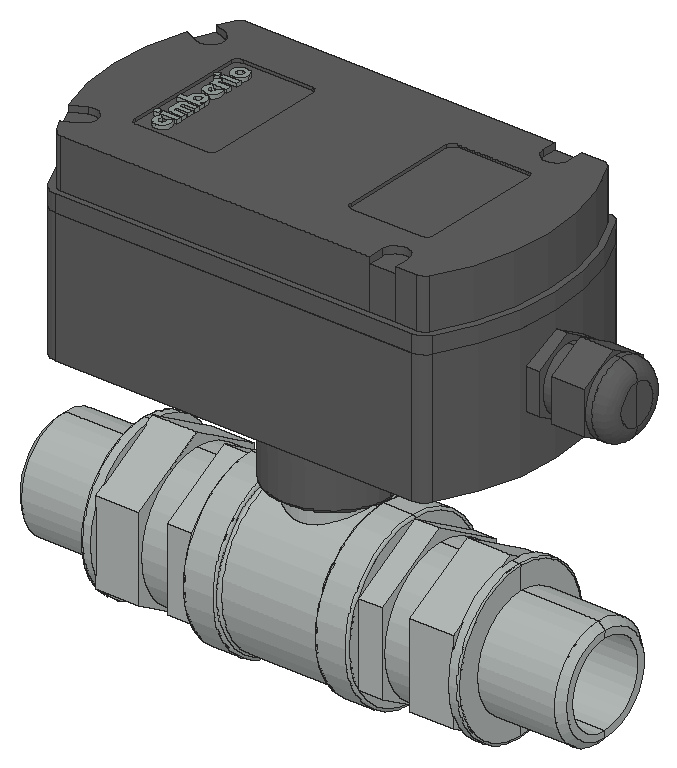
Revit family "QD31100000", category Apparecchi idraulici, Revit 2020
Family settings
  Quota connettore circolare = Usa diametro
  Tipo di parte = Normale
  Numero OmniClass = 23.45.00.00
  Titolo OmniClass = Sanitary, Laundry, and Cleaning Equipment
  Basato su piano di lavoro = No
  Sempre verticale = Sì
  Taglio con vuoti quando caricato = No
  Condiviso = No
  Punto di calcolo locali = No
Parameters
  URL = "https://web.cimberio.it/index.php/figura/613?subcategoria_id=74926"
  Temperatura di esercizio = "-20 ÷ 150°C"
  Prospetto di default = 0 mm
  Produttore = "CIMBERIO SPA"
  Pressione nominale = "PN 64 (3/4\" ÷ 1\")"
  Modello = "Cim 700RE"
  Materiale = "Prodotto in lega di ottone conforme alla norma EN 12165-CW617N-DW"
  Descrizione = "Utilizzato nei più svariati settori dell'impiantistica: impianti di riscaldamento, condizionamento, idrici, igienico-sanitari, aria compressa e in generale con ogni fluido non corrosivo.\r\nParticolarmente indicato come valvola di zona per la regolazione e contabilizzazione di impianti di riscaldamento singoli o a zone, impianti con utilizzazione di energie alternative, impianti con fluidi caldi o freddi e impianti di automazione in genere"
  DN Model [instance] = QD31101025 : QD31101025
  DN [instance] = 25 mm
  Commenti sul tipo = "Realizzato in ottemperanza ai requisiti gestionali della norma EN ISO 9001.\r\nCollaudato al 100% secondo la normativa EN 12266-1"
Reference planes
  plane 1 "Centro (Fronte/Retro)": y = 0
  plane 2: z = 0
  plane 3 "Centro (Sinistra/Destra)": x = 0
Dimensions and locks
  aligned and locked: level to plane 2
Nested families
  nested 1: "QD31101025" at (0, 0, 0), type <- "DN Model", type "QD31101025"
  nested 2: "QD31101025" at (0, 0, 0), type <- "DN Model", type "QD31101025"
  nested 3: "QD31101025" at (0, 0, 0), type <- "DN Model", type "QD31101025"
  nested 4: "QD31101025" at (0, 0, 0), type <- "DN Model", type "QD31101025"
  nested 5: "QD31101025" at (0, 0, 0), type <- "DN Model", type "QD31101025"
Connectors
  piping at (73.1, 0, 0), diameter 25, driven by "DN"
    settings: on nested 1, index 1, connector inside diameter 609.6 mm, connector length 0 mm, flow factor 0, pipe flow 0.0 L/s, pressure drop 0.0 Pa, fitting loss kfactor 0, connector angle 0.00°, fixture units 0, engagement length 0 mm, angle of deflection 0.00°, flow configuration 0, flow direction 0, fitting loss method 0, system type 7, joint type 0, gender type 0, connector reference index -1, connector utility 0, adjustable connector no, is connector primary yes, connector description ""
  piping at (-56.9, 0, 0), diameter 25, driven by "DN"
    settings: on nested 1, index 2, connector inside diameter 609.6 mm, connector length 0 mm, flow factor 0, pipe flow 0.0 L/s, pressure drop 0.0 Pa, fitting loss kfactor 0, connector angle 0.00°, fixture units 0, engagement length 0 mm, angle of deflection 0.00°, flow configuration 0, flow direction 0, fitting loss method 0, system type 7, joint type 0, gender type 0, connector reference index -1, connector utility 0, adjustable connector no, is connector primary no, connector description ""
Definition of nested family "QD31101025"
  Parameters (values of type "QD31101025")
    URL = "https://web.cimberio.it/index.php/figura/394?subcategoria_id="
    Temperatura di esercizio = "-10 ÷ 95°C"
    Default Elevation = 0 mm
    Manufacturer = "CIMBERIO SPA"
    Pressione nominale = "PN 16"
    Model = "Cim 32"
    Materiale = "Prodotto in lega di ottone conforme alla norma EN 12165-CW617N-DW"
    Description = "Impiegato nei più svariati settori dell'impiantistica in condutture anti-ritorno per: reti di distribuzione acqua potabile, impianti di riscaldamento, condizionamento, igienico-sanitari e in generale con ogni fluido non corrosivo."
    DN [instance] = 50 mm
    Type Comments = "Realizzato in ottemperanza ai requisiti gestionali della norma EN ISO 9001.\r\nCollaudato al 100% secondo la normativa EN 12266-1"
  Reference planes
    plane 1 "Centro (Fronte/Retro)": y = 0
    plane 2: z = 0
    plane 3 "Centro (Sinistra/Destra)": x = 0
  Forms (mm)
    Revolve 1, solid
      sketch origin (0, 0, 0) x (1, 0, 0) y (0, 0, 1)
        loop
          line (-24.9, 12.5) -> (24.9, 12.5) -> (24.9, 24.6)
          arc (24.9, 24.6) -> (24.728, 25.129) -> (24.278, 25.456) r 0.9
          line (24.278, 25.456) -> (15.531, 25.456)
          arc (15.531, 25.456) -> (15.143, 25.159) -> (14.997, 24.693) r 0.812
          arc (14.997, 24.693) -> (14.763, 24.13) -> (14.2, 23.897) r 0.797
          line (14.2, 23.897) -> (-14.2, 23.897)
          arc (-14.2, 23.897) -> (-14.763, 24.13) -> (-14.997, 24.693) r 0.797
          arc (-14.997, 24.693) -> (-15.143, 25.159) -> (-15.531, 25.456) r 0.812
          line (-15.531, 25.456) -> (-24.278, 25.456)
          arc (-24.278, 25.456) -> (-24.728, 25.129) -> (-24.9, 24.6) r 0.9
          line (-24.9, 24.6) -> (-24.9, 12.5)
        axis (-24.9, 0) -> (24.9, 0)
      angle from 0 to 360
    Extrusion 2, solid
      sketch origin (0, 0, 0) x (0, 1, 0) y (0, 0, 1)
        loop
          circle (0, 0) r 12.5
        loop
          line (0, 24.6) -> (-21.304, 12.3) -> (-21.304, -12.3) -> (0, -24.6) -> (21.304, -12.3) -> (21.304, 12.3) -> (0, 24.6)
      from -32.4 to -24.9
    Revolve 3, solid
      sketch origin (0, 0, 0) x (1, 0, 0) y (0, 0, 1)
        loop
          line (-32.4, 20.9) -> (-40.9, 20.9) -> (-40.9, 12.5) -> (-32.4, 12.5) -> (-32.4, 20.9)
        axis (-40.9, 0) -> (-32.4, 0)
      angle from 0 to 360
    Extrusion 4, solid
      sketch origin (0, 0, 0) x (0, 1, 0) y (0, 0, 1)
        loop
          circle (0, 0) r 12.5
        loop
          line (0, 25) -> (-21.651, 12.5) -> (-21.651, -12.5) -> (0, -25) -> (21.651, -12.5) -> (21.651, 12.5) -> (0, 25)
      from -53.9 to -40.9
    Revolve 5, solid
      sketch origin (-4.8, 0, 0) x (1, 0, 0) y (0, 0, 1)
        loop
          arc (-51.601, 23.5) -> (-51.954, 23.353) -> (-52.1, 22.999) r 0.5
          line (-52.1, 22.999) -> (-52.1, 12.5) -> (-49.1, 12.5) -> (-49.1, 23.5) -> (-51.601, 23.5)
        axis (-52.1, 0) -> (-49.1, 0)
      angle from 0 to 360
    Revolve 6, solid
      sketch origin (-9.3, 0, 0) x (1, 0, 0) y (0, 0, 1)
        loop
          line (-47.6, 16.5) -> (-71.1, 16.5) -> (-73.1, 14.5) -> (-73.1, 12.5) -> (-47.6, 12.5) -> (-47.6, 16.5)
        axis (-73.1, 0) -> (-47.6, 0)
      angle from 0 to 360
    Revolve 7, solid
      sketch origin (0, 0, 4) x (1, 0, 0) y (0, 0, 1)
        loop
          line (11.504, 21.487) -> (11.504, 37.805) -> (0, 37.805) -> (0, 13.864) -> (12.31, 13.864) -> (12.31, 20.681)
          arc (12.31, 20.681) -> (11.74, 20.917) -> (11.504, 21.487) r 0.806
        axis (0, 37.805) -> (0, 13.864)
      angle from 0 to 360
    Extrusion 8, solid
      sketch origin (0, 0, 4) x (1, 0, 0) y (0, 0, 1)
        loop
          line (-19, 34.8) -> (-19, 17.197) -> (-11, 17.197) -> (-11, 34.8) -> (-19, 34.8)
      from -0.812 to 0.713
    Revolve 9, solid
      sketch origin (0, 0, 4) x (1, 0, 0) y (0, 0, 1)
        loop
          line (0, 51.8) -> (0, 36.671) -> (3.652, 36.671) -> (3.652, 23.3) -> (16.983, 23.3)
          arc (16.983, 23.3) -> (17.427, 23.419) -> (17.69, 23.796) r 0.672
          line (17.69, 23.796) -> (17.955, 46.8) -> (19, 46.8)
          arc (19, 46.8) -> (19.707, 47.093) -> (20, 47.8) r 1
          line (20, 47.8) -> (20, 51.8) -> (0, 51.8)
        axis (0, 51.8) -> (0, 23.3)
      angle from 0 to 360
    Extrusion 10, solid
      sketch origin (0, 0, 4) x (1, 0, 0) y (0, 1, 0)
        loop
          arc (-53.687, 37) -> (-56.156, 36.347) -> (-57.982, 34.56) r 5
          arc (-57.982, 34.56) -> (-67.5, 0) -> (-57.982, -34.56) r 67.5
          arc (-57.982, -34.56) -> (-56.156, -36.347) -> (-53.687, -37) r 5
          line (-53.687, -37) -> (53.687, -37)
          arc (53.687, -37) -> (56.156, -36.347) -> (57.982, -34.56) r 5
          arc (57.982, -34.56) -> (67.5, 0) -> (57.982, 34.56) r 67.5
          arc (57.982, 34.56) -> (56.156, 36.347) -> (53.687, 37) r 5
          line (53.687, 37) -> (-53.687, 37)
      from 51.8 to 91.8
    Extrusion 11, solid
      sketch origin (0, 0, 44) x (1, 0, 0) y (0, 1, 0)
        loop
          arc (-53.687, 37) -> (-56.156, 36.347) -> (-57.982, 34.56) r 5
          arc (-57.982, 34.56) -> (-67.5, 0) -> (-57.982, -34.56) r 67.5
          arc (-57.982, -34.56) -> (-56.156, -36.347) -> (-53.687, -37) r 5
          line (-53.687, -37) -> (53.687, -37)
          arc (53.687, -37) -> (56.156, -36.347) -> (57.982, -34.56) r 5
          arc (57.982, -34.56) -> (67.5, 0) -> (57.982, 34.56) r 67.5
          arc (57.982, 34.56) -> (56.156, 36.347) -> (53.687, 37) r 5
          line (53.687, 37) -> (-53.687, 37)
      from 51.8 to 56.8
    Extrusion 12, solid
      sketch origin (0, 0, 4) x (1, 0, 0) y (0, 1, 0)
        loop
          arc (-53.687, 35) -> (-55.168, 34.608) -> (-56.264, 33.536) r 3
          arc (-56.264, 33.536) -> (-57.395, 31.561) -> (-58.457, 29.547) r 65.5
          arc (-58.457, 29.547) -> (-60.152, 25.922) -> (-61.623, 22.2) r 65.5
          arc (-61.623, 22.2) -> (-65.5, 0) -> (-61.623, -22.2) r 65.5
          arc (-61.623, -22.2) -> (-60.152, -25.922) -> (-58.457, -29.547) r 65.5
          arc (-58.457, -29.547) -> (-57.395, -31.561) -> (-56.264, -33.536) r 65.5
          arc (-56.264, -33.536) -> (-55.168, -34.608) -> (-53.687, -35) r 3
          line (-53.687, -35) -> (39.293, -35) -> (47.293, -35) -> (53.687, -35)
          arc (53.687, -35) -> (55.168, -34.608) -> (56.264, -33.536) r 3
          arc (56.264, -33.536) -> (65.5, 0) -> (56.264, 33.536) r 65.5
          arc (56.264, 33.536) -> (55.168, 34.608) -> (53.687, 35) r 3
          line (53.687, 35) -> (47.293, 35) -> (39.293, 35) -> (-53.687, 35)
      from 96.8 to 111.8
    Extrusion 13, solid
      sketch origin (0, 0, 78.844) x (0, 1, 0) y (0, 0, 1)
        loop
          line (0, 11.95) -> (-10.349, 5.975) -> (-10.349, -5.975) -> (0, -11.95) -> (10.349, -5.975) -> (10.349, 5.975) -> (0, 11.95)
      from 53.687 to 71
    Revolve 14, solid
      sketch origin (0, 0, 4) x (1, 0, 0) y (0, 0, 1)
        loop
          line (71, 84.3) -> (71, 79.687) -> (75, 79.687) -> (75, 84.3) -> (71, 84.3)
        axis (71, 74.844) -> (75, 74.844)
      angle from 0 to 360
    Extrusion 15, solid
      sketch origin (0, 0, 4) x (0, 1, 0) y (0, 0, 1)
        loop
          line (0, 87.344) -> (-10.825, 81.094) -> (-10.825, 68.594) -> (0, 62.344) -> (10.825, 68.594) -> (10.825, 81.094) -> (0, 87.344)
      from 75 to 85
    Revolve 16, solid
      sketch origin (0, 0, 4) x (1, 0, 0) y (0, 0, 1)
        loop
          line (92, 74.844) -> (92, 80.8)
          arc (92, 80.8) -> (90.535, 84.336) -> (86.998, 85.8) r 5
          line (86.998, 85.8) -> (85, 85.8) -> (85, 74.844) -> (92, 74.844)
        axis (85, 74.844) -> (92, 74.844)
      angle from 0 to 360
    Extrusion 17, void
      sketch origin (0, 0, 4) x (1, 0, 0) y (0, 1, 0)
        loop
          arc (-57.295, 20.329) -> (-52.036, 22.412) -> (-54.12, 27.671) r 4
          line (-54.12, 27.671) -> (-59.289, 29.907) -> (-62.465, 22.564) -> (-57.295, 20.329)
        loop
          arc (-54.12, -27.671) -> (-52.036, -22.412) -> (-57.295, -20.329) r 4
          line (-57.295, -20.329) -> (-62.083, -22.399) -> (-58.908, -29.742) -> (-54.12, -27.671)
        loop
          arc (39.293, 30.5) -> (43.293, 26.5) -> (47.293, 30.5) r 4
          line (47.293, 30.5) -> (47.293, 35.946) -> (39.293, 35.946) -> (39.293, 30.5)
        loop
          line (39.293, -30.43) -> (39.293, -35) -> (47.293, -35) -> (47.293, -30.5)
          arc (47.293, -30.5) -> (43.293, -26.5) -> (39.293, -30.5) r 4
      from 109.8 to 117.274
    Extrusion 18, void
      sketch origin (0, 0, 4) x (1, 0, 0) y (0, 1, 0)
        loop
          line (-21.999, 20) -> (-43.001, 20)
          arc (-43.001, 20) -> (-44.415, 19.414) -> (-45, 18) r 2
          line (-45, 18) -> (-45, -18)
          arc (-45, -18) -> (-44.414, -19.415) -> (-42.999, -20) r 2
          line (-42.999, -20) -> (-21.999, -20)
          arc (-21.999, -20) -> (-20.585, -19.414) -> (-20, -18) r 2
          line (-20, -18) -> (-20, 18)
          arc (-20, 18) -> (-20.585, 19.414) -> (-21.999, 20) r 2
        loop
          arc (22.001, 20) -> (20.586, 19.415) -> (20, 18) r 2
          line (20, 18) -> (20, -18)
          arc (20, -18) -> (20.586, -19.415) -> (22.001, -20) r 2
          line (22.001, -20) -> (43.001, -20)
          arc (43.001, -20) -> (44.415, -19.414) -> (45, -18) r 2
          line (45, -18) -> (45, 18)
          arc (45, 18) -> (44.415, 19.414) -> (43.001, 20) r 2
          line (43.001, 20) -> (22.001, 20)
      from 111.039 to 121
    Extrusion 19, solid
      sketch origin (0, 0, 115.039) x (1, 0, 0) y (0, 1, 0)
        loop
          arc (-41.222, -13.089) -> (-39.283, -17.248) -> (-37.344, -13.089) r 2.531
          line (-37.344, -13.089) -> (-38.507, -14.066)
          arc (-38.507, -14.066) -> (-39.283, -15.729) -> (-40.058, -14.066) r 1.013
          line (-40.058, -14.066) -> (-41.222, -13.089)
        loop
          line (-36.751, -12.583) -> (-36.751, -11.064) -> (-41.814, -11.064) -> (-41.814, -12.583) -> (-36.751, -12.583)
        loop
          circle (-43.08, -11.824) r 0.861
        loop
          line (-36.751, -9.039) -> (-39.89, -9.039)
          arc (-39.89, -9.039) -> (-40.295, -8.634) -> (-39.89, -8.229) r 0.405
          line (-39.89, -8.229) -> (-36.751, -8.229) -> (-36.751, -6.711) -> (-39.89, -6.711)
          arc (-39.89, -6.711) -> (-40.295, -6.306) -> (-39.89, -5.901) r 0.405
          line (-39.89, -5.901) -> (-36.751, -5.901) -> (-36.751, -4.382) -> (-39.89, -4.382)
          arc (-39.89, -4.382) -> (-41.614, -5.451) -> (-41.422, -7.47) r 1.924
          arc (-41.422, -7.47) -> (-41.614, -9.489) -> (-39.89, -10.558) r 1.924
          line (-39.89, -10.558) -> (-36.751, -10.558) -> (-36.751, -9.039)
        loop
          line (-43.839, -3.876) -> (-36.751, -3.876) -> (-36.751, -2.357) -> (-37.544, -2.357) -> (-36.841, -2.013)
          arc (-36.841, -2.013) -> (-39.465, 1.18) -> (-41.603, -2.357) r 2.531
          line (-41.603, -2.357) -> (-43.839, -2.357) -> (-43.839, -3.876)
        loop
          circle (-39.283, -1.344) r 1.012
        loop
          arc (-41.013, 6.072) -> (-39.435, 1.698) -> (-37.344, 5.851) r 2.531
          line (-37.344, 5.851) -> (-38.507, 4.875)
          arc (-38.507, 4.875) -> (-38.282, 4.378) -> (-38.348, 3.836) r 1.013
          line (-38.348, 3.836) -> (-41.013, 6.072)
        loop
          line (-38.738, 3.371) -> (-40.218, 4.612)
          arc (-40.218, 4.612) -> (-39.934, 3.449) -> (-38.738, 3.371) r 1.013
        loop
          line (-36.751, 6.358) -> (-36.751, 7.876) -> (-40.426, 7.876)
          arc (-40.426, 7.876) -> (-41.131, 9.395) -> (-41.814, 7.867) r 0.92
          line (-41.814, 7.867) -> (-41.814, 6.358) -> (-36.751, 6.358)
        loop
          line (-36.751, 9.901) -> (-36.751, 11.42) -> (-41.814, 11.42) -> (-41.814, 9.901) -> (-36.751, 9.901)
        loop
          circle (-43.08, 10.661) r 0.861
        loop
          circle (-39.283, 14.458) r 2.531
        loop
          circle (-39.283, 14.458) r 1.012
      from 0 to 1
    Extrusion 20, solid
      sketch origin (0, 0, 0) x (0, 1, 0) y (0, 0, -1)
        loop
          circle (0, 0) r 12.5
        loop
          line (0, -24.6) -> (21.304, -12.3) -> (21.304, 12.3) -> (0, 24.6) -> (-21.304, 12.3) -> (-21.304, -12.3) -> (0, -24.6)
      from -32.4 to -24.9
    Revolve 21, solid
      sketch origin (0, 0, 0) x (-1, 0, 0) y (0, 0, 1)
        loop
          line (-32.4, 20.9) -> (-40.9, 20.9) -> (-40.9, 12.5) -> (-32.4, 12.5) -> (-32.4, 20.9)
        axis (-40.9, 0) -> (-32.4, 0)
      angle from 0 to 360
    Extrusion 22, solid
      sketch origin (0, 0, 0) x (0, 1, 0) y (0, 0, -1)
        loop
          circle (0, 0) r 12.5
        loop
          line (0, -25) -> (21.651, -12.5) -> (21.651, 12.5) -> (0, 25) -> (-21.651, 12.5) -> (-21.651, -12.5) -> (0, -25)
      from -53.9 to -40.9
    Revolve 23, solid
      sketch origin (4.8, 0, 0) x (-1, 0, 0) y (0, 0, -1)
        loop
          line (-51.601, -23.5) -> (-49.1, -23.5) -> (-49.1, -12.5) -> (-52.1, -12.5) -> (-52.1, -22.999)
          arc (-52.1, -22.999) -> (-51.954, -23.353) -> (-51.601, -23.5) r 0.5
        axis (-52.1, 0) -> (-49.1, 0)
      angle from 0 to 360
    Revolve 24, solid
      sketch origin (9.3, 0, 0) x (-1, 0, 0) y (0, 0, -1)
        loop
          line (-47.6, -16.5) -> (-47.6, -12.5) -> (-73.1, -12.5) -> (-73.1, -14.5) -> (-71.1, -16.5) -> (-47.6, -16.5)
        axis (-73.1, 0) -> (-47.6, 0)
      angle from 0 to 360
  Cuts and joins
    Extrusion 17 cuts Extrusion 10
    Extrusion 17 cuts Extrusion 11
    Extrusion 17, Extrusion 18 cuts Extrusion 12
  Dimensions and locks
    aligned and locked: level to plane 2
